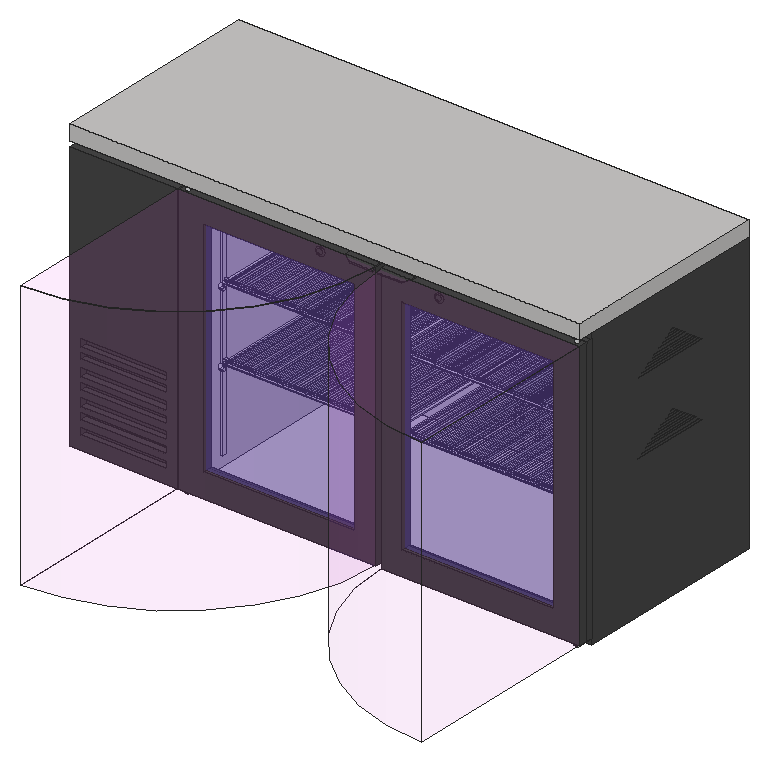
Revit family "QF_True_TBB24-60-2G-Z1-SFT-B-1_Glass_Swing_Door_Back_Bar", category Specialty Equipment, Revit 2021 (continued)
Definition of nested family "TBB24-60-2G-Z1-BST-B-1"
  Forms (in)
    Extrusion 218, solid
      from 0 to -18.90457
    Extrusion 219, solid
      sketch origin (21.18991, -21.41792, 13.54105) x (0, 0, -1) y (1, 0, 0)
        loop
          circle (-0.03189, 15.80488) r 0.03205
      from 0 to -18.90457
    Extrusion 220, solid
      sketch origin (40.73881, -21.41792, 13.54105) x (0, 0, -1) y (1, 0, 0)
        loop
          circle (-0.03189, 15.80488) r 0.03205
      from 0 to -18.90457
    Extrusion 221, solid
      sketch origin (21.52125, -21.41792, 13.54105) x (0, 0, -1) y (1, 0, 0)
        loop
          circle (-0.03189, 15.80488) r 0.03205
      from 0 to -18.90457
    Extrusion 222, solid
      sketch origin (21.85259, -21.41792, 13.54105) x (0, 0, -1) y (1, 0, 0)
        loop
          circle (-0.03189, 15.80488) r 0.03205
      from 0 to -18.90457
    Extrusion 223, solid
      sketch origin (22.18392, -21.41792, 13.54105) x (0, 0, -1) y (1, 0, 0)
        loop
          circle (-0.03189, 15.80488) r 0.03205
      from 0 to -18.90457
    Extrusion 224, solid
      sketch origin (22.51526, -21.41792, 13.54105) x (0, 0, -1) y (1, 0, 0)
        loop
          circle (-0.03189, 15.80488) r 0.03205
      from 0 to -18.90457
    Extrusion 225, solid
      sketch origin (22.8466, -21.41792, 13.54105) x (0, 0, -1) y (1, 0, 0)
        loop
          circle (-0.03189, 15.80488) r 0.03205
      from 0 to -18.90457
    Extrusion 226, solid
      sketch origin (23.17793, -21.41792, 13.54105) x (0, 0, -1) y (1, 0, 0)
        loop
          circle (-0.03189, 15.80488) r 0.03205
      from 0 to -18.90457
    Extrusion 227, solid
      sketch origin (23.50927, -21.41792, 13.54105) x (0, 0, -1) y (1, 0, 0)
        loop
          circle (-0.03189, 15.80488) r 0.03205
      from 0 to -18.90457
    Extrusion 228, solid
      sketch origin (23.84061, -21.41792, 13.54105) x (0, 0, -1) y (1, 0, 0)
        loop
          circle (-0.03189, 15.80488) r 0.03205
      from 0 to -18.90457
    Extrusion 229, solid
      sketch origin (24.17195, -21.41792, 13.54105) x (0, 0, -1) y (1, 0, 0)
        loop
          circle (-0.03189, 15.80488) r 0.03205
      from 0 to -18.90457
    Extrusion 230, solid
      sketch origin (24.50328, -21.41792, 13.54105) x (0, 0, -1) y (1, 0, 0)
        loop
          circle (-0.03189, 15.80488) r 0.03205
      from 0 to -18.90457
    Extrusion 231, solid
      sketch origin (24.83462, -21.41792, 13.54105) x (0, 0, -1) y (1, 0, 0)
        loop
          circle (-0.03189, 15.80488) r 0.03205
      from 0 to -18.90457
    Extrusion 232, solid
      sketch origin (25.16596, -21.41792, 13.54105) x (0, 0, -1) y (1, 0, 0)
        loop
          circle (-0.03189, 15.80488) r 0.03205
      from 0 to -18.90457
    Extrusion 233, solid
      sketch origin (25.4973, -21.41792, 13.54105) x (0, 0, -1) y (1, 0, 0)
        loop
          circle (-0.03189, 15.80488) r 0.03205
      from 0 to -18.90457
    Extrusion 234, solid
      sketch origin (25.82863, -21.41792, 13.54105) x (0, 0, -1) y (1, 0, 0)
        loop
          circle (-0.03189, 15.80488) r 0.03205
      from 0 to -18.90457
    Extrusion 235, solid
      sketch origin (26.15997, -21.41792, 13.54105) x (0, 0, -1) y (1, 0, 0)
        loop
          circle (-0.03189, 15.80488) r 0.03205
      from 0 to -18.90457
    Extrusion 236, solid
      sketch origin (26.49131, -21.41792, 13.54105) x (0, 0, -1) y (1, 0, 0)
        loop
          circle (-0.03189, 15.80488) r 0.03205
      from 0 to -18.90457
    Extrusion 237, solid
      sketch origin (26.82264, -21.41792, 13.54105) x (0, 0, -1) y (1, 0, 0)
        loop
          circle (-0.03189, 15.80488) r 0.03205
      from 0 to -18.90457
    Extrusion 238, solid
      sketch origin (27.15398, -21.41792, 13.54105) x (0, 0, -1) y (1, 0, 0)
        loop
          circle (-0.03189, 15.80488) r 0.03205
      from 0 to -18.90457
    Extrusion 239, solid
      sketch origin (27.48532, -21.41792, 13.54105) x (0, 0, -1) y (1, 0, 0)
        loop
          circle (-0.03189, 15.80488) r 0.03205
      from 0 to -18.90457
    Extrusion 240, solid
      sketch origin (27.81666, -21.41792, 13.54105) x (0, 0, -1) y (1, 0, 0)
        loop
          circle (-0.03189, 15.80488) r 0.03205
      from 0 to -18.90457
    Extrusion 241, solid
      sketch origin (28.14799, -21.41792, 13.54105) x (0, 0, -1) y (1, 0, 0)
        loop
          circle (-0.03189, 15.80488) r 0.03205
      from 0 to -18.90457
    Extrusion 242, solid
      sketch origin (28.47933, -21.41792, 13.54105) x (0, 0, -1) y (1, 0, 0)
        loop
          circle (-0.03189, 15.80488) r 0.03205
      from 0 to -18.90457
    Extrusion 243, solid
      sketch origin (28.81067, -21.41792, 13.54105) x (0, 0, -1) y (1, 0, 0)
        loop
          circle (-0.03189, 15.80488) r 0.03205
      from 0 to -18.90457
    Extrusion 244, solid
      sketch origin (29.142, -21.41792, 13.54105) x (0, 0, -1) y (1, 0, 0)
        loop
          circle (-0.03189, 15.80488) r 0.03205
      from 0 to -18.90457
    Extrusion 245, solid
      sketch origin (29.47334, -21.41792, 13.54105) x (0, 0, -1) y (1, 0, 0)
        loop
          circle (-0.03189, 15.80488) r 0.03205
      from 0 to -18.90457
    Extrusion 246, solid
      sketch origin (29.80468, -21.41792, 13.54105) x (0, 0, -1) y (1, 0, 0)
        loop
          circle (-0.03189, 15.80488) r 0.03205
      from 0 to -18.90457
    Extrusion 247, solid
      sketch origin (30.13602, -21.41792, 13.54105) x (0, 0, -1) y (1, 0, 0)
        loop
          circle (-0.03189, 15.80488) r 0.03205
      from 0 to -18.90457
    Extrusion 248, solid
      sketch origin (30.46735, -21.41792, 13.54105) x (0, 0, -1) y (1, 0, 0)
        loop
          circle (-0.03189, 15.80488) r 0.03205
      from 0 to -18.90457
    Extrusion 249, solid
      sketch origin (30.79869, -21.41792, 13.54105) x (0, 0, -1) y (1, 0, 0)
        loop
          circle (-0.03189, 15.80488) r 0.03205
      from 0 to -18.90457
    Extrusion 250, solid
      sketch origin (31.13003, -21.41792, 13.54105) x (0, 0, -1) y (1, 0, 0)
        loop
          circle (-0.03189, 15.80488) r 0.03205
      from 0 to -18.90457
    Extrusion 251, solid
      sketch origin (31.46137, -21.41792, 13.54105) x (0, 0, -1) y (1, 0, 0)
        loop
          circle (-0.03189, 15.80488) r 0.03205
      from 0 to -18.90457
    Extrusion 252, solid
      sketch origin (31.7927, -21.41792, 13.54105) x (0, 0, -1) y (1, 0, 0)
        loop
          circle (-0.03189, 15.80488) r 0.03205
      from 0 to -18.90457
    Extrusion 253, solid
      sketch origin (32.12404, -21.41792, 13.54105) x (0, 0, -1) y (1, 0, 0)
        loop
          circle (-0.03189, 15.80488) r 0.03205
      from 0 to -18.90457
    Extrusion 254, solid
      sketch origin (32.45538, -21.41792, 13.54105) x (0, 0, -1) y (1, 0, 0)
        loop
          circle (-0.03189, 15.80488) r 0.03205
      from 0 to -18.90457
    Extrusion 255, solid
      sketch origin (32.78671, -21.41792, 13.54105) x (0, 0, -1) y (1, 0, 0)
        loop
          circle (-0.03189, 15.80488) r 0.03205
      from 0 to -18.90457
    Extrusion 256, solid
      sketch origin (33.11805, -21.41792, 13.54105) x (0, 0, -1) y (1, 0, 0)
        loop
          circle (-0.03189, 15.80488) r 0.03205
      from 0 to -18.90457
    Extrusion 257, solid
      sketch origin (33.44939, -21.41792, 13.54105) x (0, 0, -1) y (1, 0, 0)
        loop
          circle (-0.03189, 15.80488) r 0.03205
      from 0 to -18.90457
    Extrusion 258, solid
      sketch origin (33.78073, -21.41792, 13.54105) x (0, 0, -1) y (1, 0, 0)
        loop
          circle (-0.03189, 15.80488) r 0.03205
      from 0 to -18.90457
    Extrusion 259, solid
      sketch origin (34.11206, -21.41792, 13.54105) x (0, 0, -1) y (1, 0, 0)
        loop
          circle (-0.03189, 15.80488) r 0.03205
      from 0 to -18.90457
    Extrusion 260, solid
      sketch origin (34.4434, -21.41792, 13.54105) x (0, 0, -1) y (1, 0, 0)
        loop
          circle (-0.03189, 15.80488) r 0.03205
      from 0 to -18.90457
    Extrusion 261, solid
      sketch origin (34.77474, -21.41792, 13.54105) x (0, 0, -1) y (1, 0, 0)
        loop
          circle (-0.03189, 15.80488) r 0.03205
      from 0 to -18.90457
    Extrusion 262, solid
      sketch origin (35.10607, -21.41792, 13.54105) x (0, 0, -1) y (1, 0, 0)
        loop
          circle (-0.03189, 15.80488) r 0.03205
      from 0 to -18.90457
    Extrusion 263, solid
      sketch origin (35.43741, -21.41792, 13.54105) x (0, 0, -1) y (1, 0, 0)
        loop
          circle (-0.03189, 15.80488) r 0.03205
      from 0 to -18.90457
    Extrusion 264, solid
      sketch origin (35.76875, -21.41792, 13.54105) x (0, 0, -1) y (1, 0, 0)
        loop
          circle (-0.03189, 15.80488) r 0.03205
      from 0 to -18.90457
    Extrusion 265, solid
      sketch origin (36.10009, -21.41792, 13.54105) x (0, 0, -1) y (1, 0, 0)
        loop
          circle (-0.03189, 15.80488) r 0.03205
      from 0 to -18.90457
    Extrusion 266, solid
      sketch origin (36.43142, -21.41792, 13.54105) x (0, 0, -1) y (1, 0, 0)
        loop
          circle (-0.03189, 15.80488) r 0.03205
      from 0 to -18.90457
    Extrusion 267, solid
      sketch origin (36.76276, -21.41792, 13.54105) x (0, 0, -1) y (1, 0, 0)
        loop
          circle (-0.03189, 15.80488) r 0.03205
      from 0 to -18.90457
    Extrusion 268, solid
      sketch origin (37.0941, -21.41792, 13.54105) x (0, 0, -1) y (1, 0, 0)
        loop
          circle (-0.03189, 15.80488) r 0.03205
      from 0 to -18.90457
    Extrusion 269, solid
      sketch origin (37.42544, -21.41792, 13.54105) x (0, 0, -1) y (1, 0, 0)
        loop
          circle (-0.03189, 15.80488) r 0.03205
      from 0 to -18.90457
    Extrusion 270, solid
      sketch origin (37.75677, -21.41792, 13.54105) x (0, 0, -1) y (1, 0, 0)
        loop
          circle (-0.03189, 15.80488) r 0.03205
      from 0 to -18.90457
    Extrusion 271, solid
      sketch origin (38.08811, -21.41792, 13.54105) x (0, 0, -1) y (1, 0, 0)
        loop
          circle (-0.03189, 15.80488) r 0.03205
      from 0 to -18.90457
    Extrusion 272, solid
      sketch origin (38.41945, -21.41792, 13.54105) x (0, 0, -1) y (1, 0, 0)
        loop
          circle (-0.03189, 15.80488) r 0.03205
      from 0 to -18.90457
    Extrusion 273, solid
      sketch origin (38.75078, -21.41792, 13.54105) x (0, 0, -1) y (1, 0, 0)
        loop
          circle (-0.03189, 15.80488) r 0.03205
      from 0 to -18.90457
    Extrusion 274, solid
      sketch origin (39.08212, -21.41792, 13.54105) x (0, 0, -1) y (1, 0, 0)
        loop
          circle (-0.03189, 15.80488) r 0.03205
      from 0 to -18.90457
    Extrusion 275, solid
      sketch origin (39.41346, -21.41792, 13.54105) x (0, 0, -1) y (1, 0, 0)
        loop
          circle (-0.03189, 15.80488) r 0.03205
      from 0 to -18.90457
    Extrusion 276, solid
      sketch origin (39.7448, -21.41792, 13.54105) x (0, 0, -1) y (1, 0, 0)
        loop
          circle (-0.03189, 15.80488) r 0.03205
      from 0 to -18.90457
    Extrusion 277, solid
      sketch origin (40.07613, -21.41792, 13.54105) x (0, 0, -1) y (1, 0, 0)
        loop
          circle (-0.03189, 15.80488) r 0.03205
      from 0 to -18.90457
    Extrusion 278, solid
      sketch origin (40.40747, -21.41792, 13.54105) x (0, 0, -1) y (1, 0, 0)
        loop
          circle (-0.03189, 15.80488) r 0.03205
      from 0 to -18.90457
    Revolve 279, solid
      sketch origin (-45.75, -24.2475, 32.27501) x (0, 0, -1) y (1, 0, 0)
        loop
          line (-0.66249, 59.28125) -> (0, 59.28125) -> (0, 59.53125) -> (-0.5, 59.53125) -> (-0.5, 59.70135) -> (-0.66249, 59.70135) -> (-0.66249, 59.28125)
        axis (-0.66249, 59.28125) -> (0, 59.28125)
      angle from 0 to 360
    Revolve 280, solid
      sketch origin (118.5625, -24.2475, 32.27501) x (0, 0, -1) y (1, 0, 0)
        loop
          line (-0.66249, -59.28125) -> (-0.66249, -59.70135) -> (-0.5, -59.70135) -> (-0.5, -59.53125) -> (0, -59.53125) -> (0, -59.28125) -> (-0.66249, -59.28125)
        axis (-0.66249, -59.28125) -> (0, -59.28125)
      angle from 0 to 360
    Blend 281, solid, material <- "Door Finish"
      base sketch origin (-19, -24.875, 35.99786) x (0, 0, -1) y (1, 0, 0)
        loop
          circle (4.37806, 48.52437) r 0.5
      top sketch origin (-19, -24.875, 35.99786) x (0, 0, 1) y (1, 0, 0)
        loop
          circle (-4.37806, 48.52437) r 0.37406
      from 0 to 0.04478
    Extrusion 282, solid, material <- "Door Finish"
      sketch origin (36.09375, -23.80172, 31.67503) x (0, 0, -1) y (0, 1, 0)
        loop
          line (-0.59999, -0.37926) -> (-0.72499, -0.37926) -> (-0.72499, -1.07258) -> (-0.43164, -1.54203) -> (-0.28424, -1.54203) -> (-0.59999, -1.03673) -> (-0.59999, -0.37926)
      from 0 to -3.5
    Extrusion 283, void
      sketch origin (36.09375, -24.8743, 32.40001) x (0, 0.848048, 0.529919) y (1, 0, 0)
        loop
          line (0, -3.5) -> (-0.84728, -2.4866) -> (-0.84728, -3.5) -> (0, -3.5)
      from 0 to 0.25
    Extrusion 284, solid, material <- "Door Finish"
      sketch origin (40.21875, -23.80172, 31.67503) x (0, 0, -1) y (0, 1, 0)
        loop
          line (-0.59999, -0.37926) -> (-0.72499, -0.37926) -> (-0.72499, -1.07258) -> (-0.43164, -1.54203) -> (-0.28424, -1.54203) -> (-0.59999, -1.03673) -> (-0.59999, -0.37926)
      from 0 to -3.5
    Extrusion 285, solid, material <- "Door Finish"
      sketch origin (1.0398, -23.09422, 32.9375) x (0, 0, -1) y (1, 0, 0)
        loop
          line (0.66249, 11.74145) -> (32.25, 11.74145) -> (32.25, 35.05395) -> (0.66249, 35.05395) -> (0.66249, 11.74145)
        loop
          line (3.27169, 14.74153) -> (29.40712, 14.74153) -> (29.40712, 32.59088) -> (3.27169, 32.59088) -> (3.27169, 14.74153)
      from 1.78078 to 0.64622
    Extrusion 286, void
      sketch origin (36.71875, -24.8743, 32.40001) x (0, 0.848048, 0.529919) y (1, 0, 0)
        loop
          line (0, 3.5) -> (-0.84728, 3.5) -> (-0.84728, 2.4866) -> (0, 3.5)
      from 0 to 0.25
    Extrusion 287, solid, visible <- "Show Door Clearance"
      sketch origin (36.01135, -23.09422, 0.6875) x (0, -1, 0) y (-1, 0, 0)
        loop
          line (1.78078, -0.7074) -> (1.78078, -24.0199) -> (24.99753, -24.0199)
          arc (24.99753, -24.0199) -> (18.11444, -7.65777) -> (1.78078, -0.7074) r 23.62444
      from 0 to -31.58751
    Extrusion 288, solid, visible <- "Show Door Clearance"
      sketch origin (36.80115, -23.09422, 0.6875) x (0, 1, 0) y (1, 0, 0)
        loop
          arc (-1.78078, -0.7074) -> (-18.11444, -7.65777) -> (-24.99753, -24.0199) r 23.62444
          line (-24.99753, -24.0199) -> (-1.78078, -24.0199) -> (-1.78078, -0.7074)
      from 0 to -31.58751
    Extrusion 289, solid
      sketch origin (34.40058, -23.09422, 3.53038) x (-1, 0, 0) y (0, -1, 0)
        loop
          line (18.61924, 1.4635) -> (0.7699, 1.4635) -> (0.7699, 0.9635) -> (18.61924, 0.9635) -> (18.61924, 1.4635)
      from 0 to 26.13543
    Extrusion 290, solid
      sketch origin (57.80107, -23.09422, 3.53038) x (-1, 0, 0) y (0, -1, 0)
        loop
          line (18.61924, 1.4635) -> (0.7699, 1.4635) -> (0.7699, 0.9635) -> (18.61924, 0.9635) -> (18.61924, 1.4635)
      from 0 to 26.13543
  Cuts and joins
    Extrusion 3, Extrusion 5 cuts Extrusion 2
    Extrusion 5 cuts Extrusion 4
    joined: Extrusion 26, Extrusion 27
    Extrusion 283, Extrusion 286 cuts Extrusion 282
    Extrusion 286 cuts Extrusion 285
    Extrusion 286 cuts Extrusion 284
  Lines and regions (in)
    Split face 1
      outline origin (0, 0.03125, 32.6875) x (0, 0, 1) y (1, 0, 0)
        loop
          line (-15.04167, 10.7061) -> (-29.59231, 10.7061) -> (-29.59231, 0.9561) -> (-15.04167, 0.9561) -> (-15.04167, 10.7061)
    Split face 2
      outline origin (60.03125, 0, 0) x (-1, 0, 0) y (0, 0, 1)
        loop
          line (48.03125, 32.9375) -> (48.03125, 0)
        loop
          line (45.65625, 0) -> (45.65625, 32.9375)
        loop
          line (2.75, 32.9375) -> (2.75, 0)
    Split face 3
      outline origin (0, -24.875, 32.27501) x (-1, 0, 0) y (0, 0, -1)
        loop
          line (-2.26866, 1.36126) -> (-2.26866, 2.86126) -> (-10.197, 2.86126) -> (-10.197, 1.36126) -> (-2.26866, 1.36126)
    symbolic lines
      curve 1: line (60.03125, 0, 0) -> (0, 0, 0)
      curve 2: line (0, 0, 0) -> (0, -25.34375, 0)
      curve 3: line (60.03125, -25.34375, 0) -> (60.03125, 0, 0)
      curve 4: line (0, -24.875, 0) -> (60.03125, -24.875, 0)
      curve 7: line (33.34928, -25.34375, 0) -> (32.68817, -24.875, 0)
      curve 8: line (33.34928, -25.34375, 0) -> (36.09375, -25.34375, 0)
      curve 9: line (36.09375, -25.34375, 0) -> (36.09375, -24.875, 0)
      curve 10: line (39.46322, -25.34375, 0) -> (40.12433, -24.875, 0)
      curve 11: line (39.46322, -25.34375, 0) -> (36.71875, -25.34375, 0)
      curve 12: line (36.71875, -25.34375, 0) -> (36.71875, -24.875, 0)
    symbolic lines, visible <- "Show Door Clearance"
      curve 5: line (12.78125, -24.875, 0) -> (32.83289, -36.45182, 0)
      curve 6: line (60.03125, -24.875, 0) -> (39.97961, -36.45182, 0)
      curve 13: arc (36.09375, -24.875, 0) -> (35.21239, -30.8744, 0) -> (32.83289, -36.45182, 0) r 23.62444
      curve 14: arc (39.97961, -36.45182, 0) -> (37.60011, -30.8744, 0) -> (36.71875, -24.875, 0) r 23.62444
  Dimensions and locks (in)
    equal spacing: plane 3 "LEFT", plane 7 "Center Y", plane 4 "RIGHT"
    "Length": plane 3 "LEFT" to plane 4 "RIGHT"
    equal spacing: plane 5 "FRONT", plane 8 "Center X", plane 1 "BACK"
    "Depth": plane 5 "FRONT" to plane 1 "BACK"
    "Height": plane 6 "TOP" to level
    plane 1 "BACK" to plane 9 = 48 3/32"
    plane 10 to level = 11/16"
    plane 5 "FRONT" to plane 1 "BACK" = 25 11/32"
    plane 9 to plane 1 "BACK" = 48 3/32"
    plane 6 "TOP" to plane 11 = 1 25/32"
    equal spacing: group 1, group 3, group 4, group 5, group 6, group 7, group 8, group 9, group 10, group 11, group 12, group 13, group 14, group 15, group 16, group 17, group 18, group 19, group 20, group 21, group 22, group 23, group 24, group 25, group 26, group 27, group 28, group 29, group 30, group 31, group 32, group 33, group 34, group 35, group 36, group 37, group 38, group 39, group 40, group 41, group 42, group 43, group 44, group 45, group 46, group 47, group 48, group 49, group 50, group 2  (x3)
    plane 5 "FRONT" to plane 9 = 22 3/4"
    plane 4 "RIGHT" to plane 3 "LEFT" = 60 1/32"
    plane 15 to plane 1 "BACK" = 24 7/8"
    equal spacing: group 51, group 53, group 54, group 55, group 56, group 57, group 58, group 59, group 60, group 61, group 62, group 63, group 64, group 65, group 66, group 67, group 68, group 69, group 70, group 71, group 72, group 73, group 74, group 75, group 76, group 77, group 78, group 79, group 80, group 81, group 82, group 83, group 84, group 85, group 86, group 87, group 88, group 89, group 90, group 91, group 92, group 93, group 94, group 95, group 96, group 97, group 98, group 99, group 100, group 101, group 102, group 103, group 104, group 105, group 106, group 107, group 108, group 109, group 110, group 52  (x3)
    aligned and locked: level to plane 2
  Automatic sketch dimensions
    Extrusion 1 sketch curve to plane 3 "LEFT" = 0"
    plane 4 "RIGHT" to Extrusion 1 sketch curve = 0"
    Extrusion 1 sketch curve to plane 11 = 0"
    Extrusion 1 sketch curve to plane 6 "TOP" = 0"
    plane 11 to Extrusion 2 sketch curve = 0"
    Extrusion 2 sketch curve to level = 0"
    Extrusion 2 sketch curve to plane 1 "BACK" = 0"
    Extrusion 2 sketch curve to plane 13 = 1.6763"
    plane 1 "BACK" to Extrusion 3 sketch curve = 1.91691"
    Extrusion 3 sketch curve to plane 13 = 1.6763"
    plane 3 "LEFT" to Extrusion 3 sketch curve = 14 29/32"
    plane 4 "RIGHT" to Extrusion 3 sketch curve = 2.61437"
    Extrusion 4 sketch curve to Extrusion 2 = 0"
    Extrusion 4 sketch curve to Extrusion 2 = 0.66249"
    Extrusion 4 sketch curve to Extrusion 2 = 11/16"
    Extrusion 2 to Extrusion 4 sketch curve = 12 25/32"
    Extrusion 4 to Extrusion 5 sketch curve = 1.61339"
    Extrusion 5 sketch curve to Extrusion 5 sketch curve = 0.82714"  (x4)
    Extrusion 5 sketch curve to Extrusion 5 sketch curve = 0.79786"
    Extrusion 5 sketch curve to Extrusion 5 sketch curve = 0.57908"  (x2)
    Extrusion 5 sketch curve to Extrusion 5 sketch curve = 1"  (x3)
    Extrusion 5 sketch curve to Extrusion 5 sketch curve = 0.71878"
    Extrusion 5 sketch curve to Extrusion 5 sketch curve = 0.84378"
    Extrusion 5 sketch curve to Extrusion 5 sketch curve = 0.45408"
    Extrusion 4 to Extrusion 5 sketch curve = 1.27626"  (x2)
    Extrusion 5 sketch curve to Extrusion 5 sketch curve = 0"  (x11)
    Extrusion 4 to Extrusion 5 sketch curve = 1.32665"
    Extrusion 6 sketch curve to Extrusion 2 = 0"
    Extrusion 2 to Extrusion 6 sketch curve = 9/16"
    Extrusion 6 sketch curve to Extrusion 6 sketch curve = 3/4"  (x3)
    Extrusion 6 sketch curve to Extrusion 2 = 13.59037"
    Extrusion 2 to Extrusion 6 sketch curve = 3/4"
    Extrusion 6 sketch curve to Extrusion 6 sketch curve = 0"  (x2)
    Extrusion 6 sketch curve to Extrusion 6 sketch curve = 0.44096"
    Extrusion 6 sketch curve to Extrusion 6 sketch curve = 4.44897"
    Extrusion 6 sketch curve to Extrusion 6 sketch curve = 10.52264"
    Split face 1 sketch curve to Extrusion 6 = 2.53269"
    Split face 1 sketch curve to Extrusion 6 = 2.4513"
    Split face 1 sketch curve to Extrusion 6 = 0.9561"
    Split face 1 sketch curve to Extrusion 6 = 1.31655"
    Extrusion 7 sketch curve to Extrusion 6 = 0.05904"
    Extrusion 6 to Extrusion 7 sketch curve = 0.19096"  (x2)
    Extrusion 7 sketch curve to Extrusion 6 = 0.31699"  (x2)
    Extrusion 7 sketch curve to Extrusion 7 sketch curve = 1/2"  (x2)
    Extrusion 7 sketch curve to Extrusion 7 sketch curve = 1/4"
    Extrusion 7 sketch curve to Extrusion 7 sketch curve = 0.43301"  (x2)
    Extrusion 8 sketch curve to Extrusion 6 = 0.72262"
    Extrusion 8 sketch curve to Extrusion 6 = 1.73005"
    Split face 2 sketch curve to cut or joined group of Extrusion 2, Extrusion 3, Extrusion 5 = 0"  (x6)
    Split face 2 sketch curve to cut or joined group of Extrusion 2, Extrusion 3, Extrusion 5 = 2 3/4"
    Split face 2 sketch curve to cut or joined group of Extrusion 2, Extrusion 3, Extrusion 5 = 14 3/8"
    Split face 2 sketch curve to Split face 2 sketch curve = 2 3/8"
    plane 11 to Blend 9 sketch curve = 1.31771"  (x2)
    plane 7 "Center Y" to Blend 9 sketch curve = 13.50874"  (x2)
    Split face 3 sketch curve to cut or joined group of Extrusion 4, Extrusion 5 = 1.2576"
    Split face 3 sketch curve to cut or joined group of Extrusion 4, Extrusion 5 = 0.9924"
    Split face 3 sketch curve to cut or joined group of Extrusion 4, Extrusion 5 = 1.36126"
    Split face 3 sketch curve to Split face 3 sketch curve = 1 1/2"
    Extrusion 10 sketch curve to Extrusion 3 = 1.6763"
    Extrusion 10 sketch curve to Extrusion 10 sketch curve = 1/2"  (x2)
    Extrusion 3 to Extrusion 10 sketch curve = 3.25101"
    Extrusion 3 to Extrusion 10 sketch curve = 1.46788"  (x2)
    Extrusion 3 to Extrusion 10 sketch curve = 1.74463"  (x2)
    Extrusion 3 to Extrusion 11 sketch curve = 2.75101"
    Extrusion 11 sketch curve to Extrusion 11 sketch curve = 1/2"  (x2)
    Extrusion 3 to Extrusion 11 sketch curve = 2.1763"
    Extrusion 3 to Extrusion 11 sketch curve = 1.46788"  (x2)
    Extrusion 3 to Extrusion 11 sketch curve = 1.74463"  (x2)
    Extrusion 3 to Extrusion 12 sketch curve = 1.46788"  (x4)
    Extrusion 12 sketch curve to Extrusion 3 = 3.8189"
    Extrusion 12 sketch curve to Extrusion 12 sketch curve = 1/2"  (x4)
    Extrusion 12 sketch curve to Extrusion 12 sketch curve = 15 5/16"
    Extrusion 12 sketch curve to Extrusion 12 sketch curve = 1.77627"
    Extrusion 3 to Extrusion 12 sketch curve = 1.74463"  (x4)
    Extrusion 12 sketch curve to Extrusion 3 = 4.27984"
    Sweep 13 sketch curve to plane 13 = 0"
    plane 13 to Sweep 13 sketch curve = 1/2"
    plane 7 "Center Y" to Sweep 13 sketch curve = 5.49328"
    Sweep 13 sketch curve to Sweep 13 sketch curve = 1/2"  (x2)
    Sweep 13 sketch curve to plane 13 = 1/2"
    Sweep 13 sketch curve to plane 7 "Center Y" = 14.00672"  (x2)
    plane 1 "BACK" to Sweep 13 sketch curve = 3.04972"
    Sweep 13 sketch curve to Sweep 13 sketch curve = 1/4"
    profile plane to Sweep 13 sketch curve = 0"
    Sweep 13 sketch curve to profile plane = 0.10817"
    Extrusion 10 to Extrusion 14 sketch curve = 0"
    Extrusion 10 to Extrusion 14 sketch curve = 9.35512"  (x2)
    Extrusion 14 sketch curve to Extrusion 10 = 0.44283"
    Extrusion 14 sketch curve to Extrusion 14 sketch curve = 0.44283"  (x3)
    Extrusion 14 sketch curve to Extrusion 14 sketch curve = 0.13831"  (x2)
    Extrusion 14 sketch curve to Extrusion 14 sketch curve = 40.86249"
    Extrusion 10 to Extrusion 15 sketch curve = 0"
    Extrusion 10 to Extrusion 15 sketch curve = 9.35512"  (x2)
    Extrusion 15 sketch curve to Extrusion 10 = 0.44283"
    Extrusion 15 sketch curve to Extrusion 15 sketch curve = 0.44283"  (x3)
    Extrusion 15 sketch curve to Extrusion 15 sketch curve = 0.13831"  (x2)
    Extrusion 15 sketch curve to Extrusion 15 sketch curve = 40.86249"
    Extrusion 16 sketch curve to Extrusion 12 = 0"
    Extrusion 12 to Extrusion 16 sketch curve = 9.35512"
    Extrusion 16 sketch curve to Extrusion 16 sketch curve = 0.44283"  (x2)
    Extrusion 16 sketch curve to Extrusion 16 sketch curve = 0.13831"
    Extrusion 17 sketch curve to Extrusion 12 = 0"
    Extrusion 12 to Extrusion 17 sketch curve = 9.35512"
    Extrusion 17 sketch curve to Extrusion 17 sketch curve = 0.44283"  (x2)
    Extrusion 17 sketch curve to Extrusion 17 sketch curve = 0.13831"
    plane 1 "BACK" to Extrusion 18 sketch curve = 2.29972"
    plane 11 to Extrusion 18 sketch curve = 11.76224"
    Extrusion 18 sketch curve to Extrusion 18 sketch curve = 0.44283"  (x2)
    Extrusion 18 sketch curve to Extrusion 18 sketch curve = 0.13831"
    Extrusion 10 to Extrusion 19 sketch curve = 0"
    Extrusion 19 sketch curve to Extrusion 10 = 9.14488"  (x2)
    Extrusion 19 sketch curve to Extrusion 10 = 0.44283"
    Extrusion 19 sketch curve to Extrusion 19 sketch curve = 0.44283"  (x3)
    Extrusion 19 sketch curve to Extrusion 19 sketch curve = 0.13831"  (x2)
    Extrusion 19 sketch curve to Extrusion 19 sketch curve = 40.86249"
    Extrusion 20 sketch curve to Extrusion 12 = 0"
    Extrusion 20 sketch curve to Extrusion 12 = 9.14488"
    Extrusion 20 sketch curve to Extrusion 20 sketch curve = 0.44283"  (x2)
    Extrusion 20 sketch curve to Extrusion 20 sketch curve = 0.13831"
    Extrusion 21 sketch curve to Extrusion 12 = 0"
    Extrusion 21 sketch curve to Extrusion 12 = 9.14488"
    Extrusion 21 sketch curve to Extrusion 21 sketch curve = 0.44283"  (x2)
    Extrusion 21 sketch curve to Extrusion 21 sketch curve = 0.13831"
    plane 13 to Extrusion 22 sketch curve = 0.25025"
    plane 11 to Extrusion 22 sketch curve = 10.77657"
    plane 13 to Extrusion 23 sketch curve = 0.25025"
    Extrusion 23 sketch curve to plane 12 = 11.59843"
    plane 13 to Extrusion 24 sketch curve = 0.25025"
    plane 11 to Extrusion 24 sketch curve = 10.77657"
    plane 13 to Extrusion 25 sketch curve = 0.25025"
    Extrusion 25 sketch curve to plane 12 = 11.59452"
    plane 4 "RIGHT" to Extrusion 26 sketch curve = 11/32"
    Extrusion 26 sketch curve to Extrusion 26 sketch curve = 0.14658"
    Extrusion 26 sketch curve to Extrusion 26 sketch curve = 0.2895"  (x2)
    plane 15 to Extrusion 26 sketch curve = 0.4309"  (x2)
    Extrusion 26 sketch curve to Extrusion 26 sketch curve = 0.15382"  (x4)
    Extrusion 26 sketch curve to Extrusion 26 sketch curve = 1.19762"
    Extrusion 26 sketch curve to Extrusion 26 sketch curve = 0.08965"  (x3)
    plane 15 to Extrusion 26 sketch curve = 1.56435"
    plane 3 "LEFT" to Extrusion 26 sketch curve = 14.87959"
    Extrusion 26 sketch curve to Extrusion 26 sketch curve = 1.13345"
    Extrusion 26 sketch curve to Extrusion 26 sketch curve = 0.43608"
    Extrusion 26 sketch curve to Extrusion 26 sketch curve = 1.2231"
    Extrusion 26 sketch curve to Extrusion 26 sketch curve = 1.34988"
    Extrusion 27 sketch curve to Extrusion 2 = 11/16"  (x2)
    Extrusion 27 sketch curve to Extrusion 2 = 0.33506"  (x2)
    Extrusion 2 to Extrusion 27 sketch curve = 13 5/32"
    Extrusion 27 sketch curve to Extrusion 27 sketch curve = 1.76048"
    Extrusion 2 to Extrusion 27 sketch curve = 2.10423"
    Extrusion 2 to Extrusion 27 sketch curve = 11/32"
    Revolve 28 sketch curve to plane 10 = 0"  (x2)
    plane 14 to Revolve 28 sketch curve = 1/16"
    plane 15 to Revolve 28 sketch curve = 1.0928"
    Revolve 28 sketch curve to Revolve 28 sketch curve = 0.19414"
    Revolve 28 sketch curve to plane 10 = 0.14497"
    Revolve 28 sketch curve to Revolve 28 sketch curve = 0"
    Revolve 29 sketch curve to plane 10 = 0"  (x2)
    plane 14 to Revolve 29 sketch curve = 1/16"
    plane 15 to Revolve 29 sketch curve = 1.0928"
    Revolve 29 sketch curve to Revolve 29 sketch curve = 0.19414"
    Revolve 29 sketch curve to plane 10 = 0.14497"
    Revolve 29 sketch curve to Revolve 29 sketch curve = 0"
    Extrusion 30 sketch curve to Extrusion 2 = 0.66249"
    Extrusion 30 sketch curve to Extrusion 30 sketch curve = 1"  (x3)
    Extrusion 30 sketch curve to Extrusion 2 = 1 11/16"
    Extrusion 30 sketch curve to Extrusion 2 = 11/16"
    Extrusion 2 to Extrusion 30 sketch curve = 12 25/32"
    Extrusion 30 sketch curve to Extrusion 30 sketch curve = 21 5/8"
    Extrusion 2 to Extrusion 31 sketch curve = 0"
    Extrusion 31 sketch curve to Extrusion 2 = 0.66249"
    Extrusion 31 sketch curve to Extrusion 31 sketch curve = 1"  (x2)
    Extrusion 31 sketch curve to Extrusion 2 = 1 11/16"
    Extrusion 31 sketch curve to Extrusion 2 = 11/16"
    Extrusion 2 to Extrusion 31 sketch curve = 1"
    Extrusion 31 sketch curve to Extrusion 31 sketch curve = 21 5/8"
    Extrusion 2 to Extrusion 32 sketch curve = 0"
    Extrusion 32 sketch curve to Extrusion 2 = 0.66249"
    Extrusion 32 sketch curve to Extrusion 2 = 3.27169"
    Extrusion 32 sketch curve to Extrusion 2 = 3.53038"
    Extrusion 32 sketch curve to Extrusion 2 = 11/16"
    Extrusion 2 to Extrusion 32 sketch curve = 3.00008"
    Extrusion 32 sketch curve to Extrusion 32 sketch curve = 17.84934"
    Extrusion 32 sketch curve to Extrusion 32 sketch curve = 2.46307"
    Sweep 33 sketch curve to plane 13 = 0"
    plane 13 to Sweep 33 sketch curve = 1/2"
    plane 7 "Center Y" to Sweep 33 sketch curve = 5.49328"
    Sweep 33 sketch curve to Sweep 33 sketch curve = 1/2"  (x2)
    Sweep 33 sketch curve to plane 13 = 1/2"
    Sweep 33 sketch curve to plane 7 "Center Y" = 14.00672"  (x2)
    plane 1 "BACK" to Sweep 33 sketch curve = 3.04972"
    Sweep 33 sketch curve to Sweep 33 sketch curve = 1/4"
    profile plane to Sweep 33 sketch curve = 0"
    Sweep 33 sketch curve to profile plane = 0.10817"
    plane 1 "BACK" to Extrusion 34 sketch curve = 2.29972"
    plane 11 to Extrusion 34 sketch curve = 11.76224"
    Extrusion 34 sketch curve to Extrusion 34 sketch curve = 0.44283"  (x2)
    Extrusion 34 sketch curve to Extrusion 34 sketch curve = 0.13831"
    Extrusion 35 sketch curve to Extrusion 12 = 0"
    Extrusion 35 sketch curve to Extrusion 12 = 9.72603"
    Extrusion 35 sketch curve to Extrusion 12 = 0.44283"
    Extrusion 35 sketch curve to Extrusion 35 sketch curve = 0.13831"
    Extrusion 35 sketch curve to Extrusion 35 sketch curve = 0.58114"
    Extrusion 36 sketch curve to Extrusion 12 = 0"
    Extrusion 12 to Extrusion 36 sketch curve = 9.14488"
    Extrusion 36 sketch curve to Extrusion 36 sketch curve = 0.44283"
    Extrusion 36 sketch curve to Extrusion 36 sketch curve = 0.13831"
    Extrusion 36 sketch curve to Extrusion 12 = 0.44283"
    Sweep 37 sketch curve to plane 13 = 0"
    plane 13 to Sweep 37 sketch curve = 1/2"
    plane 7 "Center Y" to Sweep 37 sketch curve = 6.7986"
    Sweep 37 sketch curve to Sweep 37 sketch curve = 1/2"  (x2)
    Sweep 37 sketch curve to plane 13 = 1/2"
    plane 4 "RIGHT" to Sweep 37 sketch curve = 3.71703"  (x2)
    plane 1 "BACK" to Sweep 37 sketch curve = 3.04972"
    Sweep 37 sketch curve to Sweep 37 sketch curve = 1/4"
    Sweep 37 sketch curve to Sweep 37 sketch curve = 0"
    profile plane to Sweep 37 sketch curve = 0"
    Sweep 37 sketch curve to profile plane = 0.10817"
    Sweep 38 sketch curve to plane 13 = 0"
    plane 13 to Sweep 38 sketch curve = 1/2"
    plane 7 "Center Y" to Sweep 38 sketch curve = 6.7986"
    Sweep 38 sketch curve to Sweep 38 sketch curve = 1/2"  (x2)
    Sweep 38 sketch curve to plane 13 = 1/2"
    plane 4 "RIGHT" to Sweep 38 sketch curve = 3.71703"  (x2)
    plane 1 "BACK" to Sweep 38 sketch curve = 3.04972"
    Sweep 38 sketch curve to Sweep 38 sketch curve = 1/4"
    Sweep 38 sketch curve to Sweep 38 sketch curve = 0"
    profile plane to Sweep 38 sketch curve = 0"
    Sweep 38 sketch curve to profile plane = 0.10817"
    Revolve 279 sketch curve to plane 11 = 0"  (x2)
    plane 11 to Revolve 279 sketch curve = 0.16249"  (x2)
    Revolve 279 sketch curve to Revolve 279 sketch curve = 1/2"
    plane 3 "LEFT" to Revolve 279 sketch curve = 13 17/32"
    Revolve 279 sketch curve to Revolve 279 sketch curve = 1/4"
    Revolve 279 sketch curve to Revolve 279 sketch curve = 0.1701"
    Revolve 279 sketch curve to Revolve 279 sketch curve = 0"
    Revolve 280 sketch curve to plane 11 = 0"  (x2)
    plane 11 to Revolve 280 sketch curve = 0.16249"  (x2)
    Revolve 280 sketch curve to Revolve 280 sketch curve = 1/2"
    plane 4 "RIGHT" to Revolve 280 sketch curve = 1.1701"
    Revolve 280 sketch curve to Revolve 280 sketch curve = 0.1701"
    Revolve 280 sketch curve to Revolve 280 sketch curve = 1/4"
    Revolve 280 sketch curve to Revolve 280 sketch curve = 0"
    Blend 281 sketch curve to plane 7 "Center Y" = 0.49126"  (x2)
    plane 11 to Blend 281 sketch curve = 1.31771"  (x2)
    Extrusion 282 sketch curve to plane 5 "FRONT" = 0"
    plane 15 to Extrusion 282 sketch curve = 0.0007"
    plane 11 to Extrusion 282 sketch curve = 0.53749"
    Extrusion 282 sketch curve to Extrusion 282 sketch curve = 1/8"
    Extrusion 282 sketch curve to Extrusion 282 sketch curve = 0.16835"
    Extrusion 282 sketch curve to Extrusion 282 sketch curve = 0.1474"
    plane 15 to Extrusion 282 sketch curve = 0.03655"
    Extrusion 282 sketch curve to Extrusion 282 sketch curve = 0.65747"
    Extrusion 283 sketch curve to Extrusion 282 = 0"  (x2)
    Extrusion 283 sketch curve to Extrusion 282 = 0.2937"
    Extrusion 283 sketch curve to Extrusion 282 = 1.0134"
    Extrusion 284 sketch curve to plane 5 "FRONT" = 0"
    plane 15 to Extrusion 284 sketch curve = 0.0007"
    plane 11 to Extrusion 284 sketch curve = 0.53749"
    Extrusion 284 sketch curve to Extrusion 284 sketch curve = 1/8"
    Extrusion 284 sketch curve to Extrusion 284 sketch curve = 0.16835"
    Extrusion 284 sketch curve to Extrusion 284 sketch curve = 0.1474"
    plane 15 to Extrusion 284 sketch curve = 0.03655"
    Extrusion 284 sketch curve to Extrusion 284 sketch curve = 0.65747"
    Extrusion 285 sketch curve to Extrusion 2 = 0.66249"
    Extrusion 285 sketch curve to Extrusion 2 = 3.27169"
    Extrusion 285 sketch curve to Extrusion 2 = 3.53038"
    Extrusion 285 sketch curve to Extrusion 2 = 11/16"
    Extrusion 2 to Extrusion 285 sketch curve = 12 25/32"
    Extrusion 285 sketch curve to Extrusion 285 sketch curve = 3.00008"
    Extrusion 285 sketch curve to Extrusion 285 sketch curve = 17.84934"
    Extrusion 285 sketch curve to Extrusion 285 sketch curve = 2.46307"
    Extrusion 282 to Extrusion 286 sketch curve = 0"
    Extrusion 286 sketch curve to Extrusion 282 = 0.2937"
    Extrusion 282 to Extrusion 286 sketch curve = 3.1116"
    Extrusion 286 sketch curve to Extrusion 286 sketch curve = 1.0134"
    Extrusion 287 sketch curve to plane 15 = 0"
    Extrusion 287 sketch curve to plane 4 "RIGHT" = 0"
    Extrusion 287 sketch curve to plane 4 "RIGHT" = 0.30846"
    plane 15 to Extrusion 287 sketch curve = 0.40568"
    plane 9 to Extrusion 287 sketch curve = 0.00201"
    Extrusion 288 sketch curve to plane 15 = 0"
    plane 9 to Extrusion 288 sketch curve = 0.00201"
    plane 15 to Extrusion 288 sketch curve = 0.40568"
    plane 7 "Center Y" to Extrusion 288 sketch curve = 6 5/64"
    plane 3 "LEFT" to Extrusion 288 sketch curve = 12.47279"
    Extrusion 289 sketch curve to Extrusion 285 = 0"  (x2)
    Extrusion 285 to Extrusion 289 sketch curve = 0.31728"  (x2)
    Extrusion 285 to Extrusion 290 sketch curve = 0.31728"  (x2)
    Extrusion 290 sketch curve to Extrusion 285 = 23.40049"
    Extrusion 290 sketch curve to Extrusion 285 = 5.55115"
    plane 1 "BACK" to curve 1 = 0"
    curve 1 to plane 3 "LEFT" = 0"
    curve 5 to plane 15 = 0"
    plane 5 "FRONT" to curve 7 = 0"
    plane 5 "FRONT" to curve 12 = 0"
    curve 6 to plane 4 "RIGHT" = 0"
    plane 5 "FRONT" to curve 2 = 0"
    plane 5 "FRONT" to curve 3 = 0"
    plane 7 "Center Y" to curve 7 = 3.33365"
    curve 7 to curve 9 = 2.74447"
    curve 8 to curve 12 = 5/8"
    curve 11 to curve 11 = 2.74447"
    plane 3 "LEFT" to curve 5 = 12 25/32"
    curve 7 to curve 7 = 0.66111"
    plane 7 "Center Y" to curve 5 = 2.81727"
    curve 5 to curve 6 = 7.14671"
    curve 10 to curve 10 = 0.66111"
    curve 5 to curve 6 = 0"
    curve 13 to curve 5 = 0.30846"
    plane 15 to curve 13 = 0.40568"
    curve 14 to plane 4 "RIGHT" = 0.30846"
    plane 15 to curve 14 = 0.40568"
    curve 14 to curve 12 = 0"
    radius of Extrusion 39 sketch curve = 0.03205"
    radius of Extrusion 40 sketch curve = 0.03205"
    radius of Extrusion 41 sketch curve = 0.03205"
    radius of Extrusion 42 sketch curve = 0.03205"
    radius of Extrusion 43 sketch curve = 0.03205"
    radius of Extrusion 44 sketch curve = 0.03205"
    radius of Extrusion 45 sketch curve = 0.03205"
    radius of Extrusion 46 sketch curve = 0.03205"
    radius of Extrusion 47 sketch curve = 0.03205"
    radius of Extrusion 48 sketch curve = 0.03205"
    radius of Extrusion 49 sketch curve = 0.03205"
    radius of Extrusion 50 sketch curve = 0.03205"
    radius of Extrusion 51 sketch curve = 0.03205"
    radius of Extrusion 52 sketch curve = 0.03205"
    radius of Extrusion 53 sketch curve = 0.03205"
    radius of Extrusion 54 sketch curve = 0.03205"
    radius of Extrusion 55 sketch curve = 0.03205"
    radius of Extrusion 56 sketch curve = 0.03205"
    radius of Extrusion 57 sketch curve = 0.03205"
    radius of Extrusion 58 sketch curve = 0.03205"
    radius of Extrusion 59 sketch curve = 0.03205"
    radius of Extrusion 60 sketch curve = 0.03205"
    radius of Extrusion 61 sketch curve = 0.03205"
    radius of Extrusion 62 sketch curve = 0.03205"
    radius of Extrusion 63 sketch curve = 0.03205"
    radius of Extrusion 64 sketch curve = 0.03205"
    radius of Extrusion 65 sketch curve = 0.03205"
    radius of Extrusion 66 sketch curve = 0.03205"
    radius of Extrusion 67 sketch curve = 0.03205"
    radius of Extrusion 68 sketch curve = 0.03205"
    radius of Extrusion 69 sketch curve = 0.03205"
    radius of Extrusion 70 sketch curve = 0.03205"
    radius of Extrusion 71 sketch curve = 0.03205"
    radius of Extrusion 72 sketch curve = 0.03205"
    radius of Extrusion 73 sketch curve = 0.03205"
    radius of Extrusion 74 sketch curve = 0.03205"
    radius of Extrusion 75 sketch curve = 0.03205"
    radius of Extrusion 76 sketch curve = 0.03205"
    radius of Extrusion 77 sketch curve = 0.03205"
    radius of Extrusion 78 sketch curve = 0.03205"
    radius of Extrusion 79 sketch curve = 0.03205"
    radius of Extrusion 80 sketch curve = 0.03205"
    radius of Extrusion 81 sketch curve = 0.03205"
    radius of Extrusion 82 sketch curve = 0.03205"
    radius of Extrusion 83 sketch curve = 0.03205"
    radius of Extrusion 84 sketch curve = 0.03205"
    radius of Extrusion 85 sketch curve = 0.03205"
    radius of Extrusion 86 sketch curve = 0.03205"
    radius of Extrusion 87 sketch curve = 0.03205"
    radius of Extrusion 88 sketch curve = 0.03205"
    radius of Extrusion 89 sketch curve = 0.03205"
    radius of Extrusion 90 sketch curve = 0.03205"
    radius of Extrusion 91 sketch curve = 0.03205"
    radius of Extrusion 92 sketch curve = 0.03205"
    radius of Extrusion 93 sketch curve = 0.03205"
    radius of Extrusion 94 sketch curve = 0.03205"
    radius of Extrusion 95 sketch curve = 0.03205"
    radius of Extrusion 96 sketch curve = 0.03205"
    radius of Extrusion 97 sketch curve = 0.03205"
    radius of Extrusion 98 sketch curve = 0.03205"
    radius of Extrusion 99 sketch curve = 0.03205"
    radius of Extrusion 100 sketch curve = 0.03205"
    radius of Extrusion 101 sketch curve = 0.03205"
    radius of Extrusion 102 sketch curve = 0.03205"
    radius of Extrusion 103 sketch curve = 0.03205"
    radius of Extrusion 104 sketch curve = 0.03205"
    radius of Extrusion 105 sketch curve = 0.03205"
    radius of Extrusion 106 sketch curve = 0.03205"
    radius of Extrusion 107 sketch curve = 0.03205"
    radius of Extrusion 108 sketch curve = 0.03205"
    radius of Extrusion 109 sketch curve = 0.03205"
    radius of Extrusion 110 sketch curve = 0.03205"
    radius of Extrusion 111 sketch curve = 0.03205"
    radius of Extrusion 112 sketch curve = 0.03205"
    radius of Extrusion 113 sketch curve = 0.03205"
    radius of Extrusion 114 sketch curve = 0.03205"
    radius of Extrusion 115 sketch curve = 0.03205"
    radius of Extrusion 116 sketch curve = 0.03205"
    radius of Extrusion 117 sketch curve = 0.03205"
    radius of Extrusion 118 sketch curve = 0.03205"
    radius of Extrusion 119 sketch curve = 0.03205"
    radius of Extrusion 120 sketch curve = 0.03205"
    radius of Extrusion 121 sketch curve = 0.03205"
    radius of Extrusion 122 sketch curve = 0.03205"
    radius of Extrusion 123 sketch curve = 0.03205"
    radius of Extrusion 124 sketch curve = 0.03205"
    radius of Extrusion 125 sketch curve = 0.03205"
    radius of Extrusion 126 sketch curve = 0.03205"
    radius of Extrusion 127 sketch curve = 0.03205"
    radius of Extrusion 128 sketch curve = 0.03205"
    radius of Extrusion 129 sketch curve = 0.03205"
    radius of Extrusion 130 sketch curve = 0.03205"
    radius of Extrusion 131 sketch curve = 0.03205"
    radius of Extrusion 132 sketch curve = 0.03205"
    radius of Extrusion 133 sketch curve = 0.03205"
    radius of Extrusion 134 sketch curve = 0.03205"
    radius of Extrusion 135 sketch curve = 0.03205"
    radius of Extrusion 136 sketch curve = 0.03205"
    radius of Extrusion 137 sketch curve = 0.03205"
    radius of Extrusion 138 sketch curve = 0.03205"
    radius of Extrusion 139 sketch curve = 0.03205"
    radius of Extrusion 140 sketch curve = 0.03205"
    radius of Extrusion 141 sketch curve = 0.03205"
    radius of Extrusion 142 sketch curve = 0.03205"
    radius of Extrusion 143 sketch curve = 0.03205"
    radius of Extrusion 144 sketch curve = 0.03205"
    radius of Extrusion 145 sketch curve = 0.03205"
    radius of Extrusion 146 sketch curve = 0.03205"
    radius of Extrusion 147 sketch curve = 0.03205"
    radius of Extrusion 148 sketch curve = 0.03205"
    radius of Extrusion 149 sketch curve = 0.03205"
    radius of Extrusion 150 sketch curve = 0.03205"
    radius of Extrusion 151 sketch curve = 0.03205"
    radius of Extrusion 152 sketch curve = 0.03205"
    radius of Extrusion 153 sketch curve = 0.03205"
    radius of Extrusion 154 sketch curve = 0.03205"
    radius of Extrusion 155 sketch curve = 0.03205"
    radius of Extrusion 156 sketch curve = 0.03205"
    radius of Extrusion 157 sketch curve = 0.03205"
    radius of Extrusion 158 sketch curve = 0.03205"
    radius of Extrusion 159 sketch curve = 0.03205"  (x2)
    radius of Extrusion 218 sketch curve = 0.03205"
    radius of Extrusion 219 sketch curve = 0.03205"  (x2)
    radius of Extrusion 278 sketch curve = 0.03205"
    radius of Extrusion 160 sketch curve = 0.03205"
    radius of Extrusion 220 sketch curve = 0.03205"
    radius of Extrusion 161 sketch curve = 0.03205"
    radius of Extrusion 221 sketch curve = 0.03205"
    radius of Extrusion 162 sketch curve = 0.03205"
    radius of Extrusion 222 sketch curve = 0.03205"
    radius of Extrusion 163 sketch curve = 0.03205"
    radius of Extrusion 223 sketch curve = 0.03205"
    radius of Extrusion 164 sketch curve = 0.03205"
    radius of Extrusion 224 sketch curve = 0.03205"
    radius of Extrusion 165 sketch curve = 0.03205"
    radius of Extrusion 225 sketch curve = 0.03205"
    radius of Extrusion 166 sketch curve = 0.03205"
    radius of Extrusion 226 sketch curve = 0.03205"
    radius of Extrusion 167 sketch curve = 0.03205"
    radius of Extrusion 227 sketch curve = 0.03205"
    radius of Extrusion 168 sketch curve = 0.03205"
    radius of Extrusion 228 sketch curve = 0.03205"
    radius of Extrusion 169 sketch curve = 0.03205"
    radius of Extrusion 229 sketch curve = 0.03205"
    radius of Extrusion 170 sketch curve = 0.03205"
    radius of Extrusion 230 sketch curve = 0.03205"
    radius of Extrusion 171 sketch curve = 0.03205"
    radius of Extrusion 231 sketch curve = 0.03205"
    radius of Extrusion 172 sketch curve = 0.03205"
    radius of Extrusion 232 sketch curve = 0.03205"
    radius of Extrusion 173 sketch curve = 0.03205"
    radius of Extrusion 233 sketch curve = 0.03205"
    radius of Extrusion 174 sketch curve = 0.03205"
    radius of Extrusion 234 sketch curve = 0.03205"
    radius of Extrusion 175 sketch curve = 0.03205"
    radius of Extrusion 235 sketch curve = 0.03205"
    radius of Extrusion 176 sketch curve = 0.03205"
    radius of Extrusion 236 sketch curve = 0.03205"
    radius of Extrusion 177 sketch curve = 0.03205"
    radius of Extrusion 237 sketch curve = 0.03205"
    radius of Extrusion 178 sketch curve = 0.03205"
    radius of Extrusion 238 sketch curve = 0.03205"
    radius of Extrusion 179 sketch curve = 0.03205"
    radius of Extrusion 239 sketch curve = 0.03205"
    radius of Extrusion 180 sketch curve = 0.03205"
    radius of Extrusion 240 sketch curve = 0.03205"
    radius of Extrusion 181 sketch curve = 0.03205"
    radius of Extrusion 241 sketch curve = 0.03205"
    radius of Extrusion 182 sketch curve = 0.03205"
    radius of Extrusion 242 sketch curve = 0.03205"
    radius of Extrusion 183 sketch curve = 0.03205"
    radius of Extrusion 243 sketch curve = 0.03205"
    radius of Extrusion 184 sketch curve = 0.03205"
    radius of Extrusion 244 sketch curve = 0.03205"
    radius of Extrusion 185 sketch curve = 0.03205"
    radius of Extrusion 245 sketch curve = 0.03205"
    radius of Extrusion 186 sketch curve = 0.03205"
    radius of Extrusion 246 sketch curve = 0.03205"
    radius of Extrusion 187 sketch curve = 0.03205"
    radius of Extrusion 247 sketch curve = 0.03205"
    radius of Extrusion 188 sketch curve = 0.03205"
    radius of Extrusion 248 sketch curve = 0.03205"
    radius of Extrusion 189 sketch curve = 0.03205"
    radius of Extrusion 249 sketch curve = 0.03205"
    radius of Extrusion 190 sketch curve = 0.03205"
    radius of Extrusion 250 sketch curve = 0.03205"
    radius of Extrusion 191 sketch curve = 0.03205"
    radius of Extrusion 251 sketch curve = 0.03205"
    radius of Extrusion 192 sketch curve = 0.03205"
    radius of Extrusion 252 sketch curve = 0.03205"
    radius of Extrusion 193 sketch curve = 0.03205"
    radius of Extrusion 253 sketch curve = 0.03205"
    radius of Extrusion 194 sketch curve = 0.03205"
    radius of Extrusion 254 sketch curve = 0.03205"
    radius of Extrusion 195 sketch curve = 0.03205"
    radius of Extrusion 255 sketch curve = 0.03205"
    radius of Extrusion 196 sketch curve = 0.03205"
    radius of Extrusion 256 sketch curve = 0.03205"
    radius of Extrusion 197 sketch curve = 0.03205"
    radius of Extrusion 257 sketch curve = 0.03205"
    radius of Extrusion 198 sketch curve = 0.03205"
    radius of Extrusion 258 sketch curve = 0.03205"
    radius of Extrusion 199 sketch curve = 0.03205"
    radius of Extrusion 259 sketch curve = 0.03205"
    radius of Extrusion 200 sketch curve = 0.03205"
    radius of Extrusion 260 sketch curve = 0.03205"
    radius of Extrusion 201 sketch curve = 0.03205"
    radius of Extrusion 261 sketch curve = 0.03205"
    radius of Extrusion 202 sketch curve = 0.03205"
    radius of Extrusion 262 sketch curve = 0.03205"
    radius of Extrusion 203 sketch curve = 0.03205"
    radius of Extrusion 263 sketch curve = 0.03205"
    radius of Extrusion 204 sketch curve = 0.03205"
    radius of Extrusion 264 sketch curve = 0.03205"
    radius of Extrusion 205 sketch curve = 0.03205"
    radius of Extrusion 265 sketch curve = 0.03205"
    radius of Extrusion 206 sketch curve = 0.03205"
    radius of Extrusion 266 sketch curve = 0.03205"
    radius of Extrusion 207 sketch curve = 0.03205"
    radius of Extrusion 267 sketch curve = 0.03205"
    radius of Extrusion 208 sketch curve = 0.03205"
    radius of Extrusion 268 sketch curve = 0.03205"
    radius of Extrusion 209 sketch curve = 0.03205"
    radius of Extrusion 269 sketch curve = 0.03205"
    radius of Extrusion 210 sketch curve = 0.03205"
    radius of Extrusion 270 sketch curve = 0.03205"
    radius of Extrusion 211 sketch curve = 0.03205"
    radius of Extrusion 271 sketch curve = 0.03205"
    radius of Extrusion 212 sketch curve = 0.03205"
    radius of Extrusion 272 sketch curve = 0.03205"
    radius of Extrusion 213 sketch curve = 0.03205"
    radius of Extrusion 273 sketch curve = 0.03205"
    radius of Extrusion 214 sketch curve = 0.03205"
    radius of Extrusion 274 sketch curve = 0.03205"
    radius of Extrusion 215 sketch curve = 0.03205"
    radius of Extrusion 275 sketch curve = 0.03205"
    radius of Extrusion 216 sketch curve = 0.03205"
    radius of Extrusion 276 sketch curve = 0.03205"
    radius of Extrusion 217 sketch curve = 0.03205"
    radius of Extrusion 277 sketch curve = 0.03205"
    radius of Extrusion 8 sketch curve = 1/2"
    radius of Blend 9 sketch curve = 1/2"
    radius of Blend 9 sketch curve = 0.37406"
    radius of Sweep 13 sketch curve = 0.14183"
    radius of Extrusion 22 sketch curve = 0.05462"
    radius of Extrusion 23 sketch curve = 0.05462"
    radius of Extrusion 24 sketch curve = 0.05462"
    radius of Extrusion 25 sketch curve = 0.05462"
    radius of Sweep 33 sketch curve = 0.14183"
    radius of Sweep 37 sketch curve = 0.14183"
    radius of Sweep 38 sketch curve = 0.14183"
    radius of Blend 281 sketch curve = 1/2"
    radius of Blend 281 sketch curve = 0.37406"
Definition of nested family "Family3"
  Parameters (values of type "Family3")
    Weight in Pounds = 0
    URL Cutsheet = ""
    Specification by User = ""
    Specification by Manufacturer = ""
    Show Seismic Flanged [instance] = yes
    Show 6" Legs [instance] = yes
    Show 5" Casters [instance] = yes
    Show 4" Casters [instance] = yes
    Show 3" Casters [instance] = yes
    Show 2" Casters [instance] = yes
    Serial Number = ""
    Seismic Rating = ""
    SMACNA No = ""
    Revision Code = ""
    NAFEM Spec ID Number = ""
    Masterspec = ""
    Length = 0"
    Item Number = ""
    Installed By = ""
    Identify Quantity as Lot = yes
    Height = 0"
    Furnished By = ""
    Foodservice Equipment Identifier = yes
    Depth = 0"
    Default Elevation = 0"
    CSI MasterFormat = ""
  Reference planes (in)
    plane 1 "BACK": y = 0
    plane 2: z = 0
    plane 3 "LEFT": x = 0
    plane 4 "RIGHT": x = 0
    plane 5 "FRONT": y = 0
    plane 6 "TOP": z = 0
    plane 7 "Center Y": x = 0
    plane 8 "Center X": y = 0
  Dimensions and locks (in)
    equal spacing: plane 3 "LEFT", plane 7 "Center Y", plane 4 "RIGHT"
    "Length": plane 3 "LEFT" to plane 4 "RIGHT"
    equal spacing: plane 5 "FRONT", plane 8 "Center X", plane 1 "BACK"
    "Depth": plane 5 "FRONT" to plane 1 "BACK"
    "Height": plane 6 "TOP" to level
    aligned and locked: level to plane 2
  Nested families (in)
    nested 1: "2 INCHES_CASTER" at (0, 0, 0), 2 Inches Caster <- "Show 2" Casters", type "2 INCHES_CASTER"
      with Type Mark "", Specification by User "", Revision Code "", Item Number "", Installed By "", Identify Quantity as Lot yes, Furnished By "", Foodservice Equipment Identifier yes, 2 Inches Caster yes
    nested 2: "3 INCHES 01_CASTER" at (0, 0, 0), 3 Inches Caster <- "Show 3" Casters", type "3 INCHES 01_CASTER"
      with Type Mark "", Specification by User "", Revision Code "", Item Number "", Installed By "", Identify Quantity as Lot yes, Furnished By "", Foodservice Equipment Identifier yes, 3 Inches Caster yes
    nested 3: "4 INCHES_CASTER" at (0, 0, 0), Show 4 Inches Casters <- "Show 4" Casters", type "4 INCHES_CASTER"
      with Type Mark "", Specification by User "", Show 4 Inches Casters yes, Revision Code "", Item Number "", Installed By "", Identify Quantity as Lot yes, Furnished By "", Foodservice Equipment Identifier yes
    nested 4: "5 INCHES 01_CASTER 2" at (0, 0, 0), Show 5" Casters <- "Show 5" Casters", type "5 INCHES 01_CASTER 2"
      with Type Mark "", Specification by User "", Show 5" Casters yes, Revision Code "", Key Locks no, Item Number "", Installed By "", Identify Quantity as Lot yes, Furnished By "", Foodservice Equipment Identifier yes
    nested 5: "6 INCHES LEGS" at (0, 0, 0), Show 6" Legs <- "Show 6" Legs", type "6 INCHES LEGS"
      with Type Mark "", Status "", Specification by User "", Show Seismic Flanged no, Show 6" Legs yes, Revision Code "", Item Number "", Installed By "", Identify Quantity as Lot yes, Furnished By "", Foodservice Equipment Identifier yes
    nested 6: "6 INCHES LEGS WITH FLANGED" at (0, 0, 0), visible <- "Show Seismic Flanged", Show 6" Seismic Flanged <- "Show Seismic Flanged", type "6 INCHES LEGS WITH FLANGED"
      with Type Mark "", Status "", Specification by User "", Revision Code "", Item Number "", Installed By "", Identify Quantity as Lot yes, Furnished By "", Foodservice Equipment Identifier yes
  Definition of nested family "2 INCHES_CASTER"
    Parameters (values of type "2 INCHES_CASTER")
      Weight = ""
      URL Manufacturer = ""
      URL Cutsheet = ""
      URL = ""
      Type Mark [instance] = ""
      Specification by User [instance] = ""
      Specification by Manufacturer = ""
      Serial Number = ""
      Seismic Rating = ""
      SMACNA No = ""
      Revision Code [instance] = ""
      Omniclass Number and Title = ""
      NAFEM Spec ID Number = ""
      Model = ""
      MasterSpec. = ""
      Manufacturer = ""
      Item Number [instance] = ""
      Installed By [instance] = ""
      Identify Quantity as Lot [instance] = yes
      Furnished By [instance] = ""
      Foodservice Equipment Identifier [instance] = yes
      Description = ""
      Default Elevation = 0"
      CSI MasterFormat = ""
      CSI Master Format = ""
      Assembly Code = ""
      2 Inches Caster [instance] = yes
    Reference planes (in)
      plane 1: z = 0
      plane 2 "RIGHT": x = 0
      plane 3 "FRONT": y = 0
      plane 4 "TOP": z = 2
    Forms (in)
      Revolve 1, solid, visible <- "2 Inches Caster"
        sketch origin (-1.93794, 0.46818, -1.0041) x (1, 0, 0) y (0, 0, 1)
          loop
            line (0.74055, 1.86347) -> (0.74055, 1.78797) -> (0.79055, 1.73797) -> (0.85055, 1.73797) -> (0.85055, 1.6179) -> (1.235, 1.6179) -> (1.235, 1.55055) -> (1.38673, 1.46295) -> (1.4003, 1.3791) -> (1.34375, 1.3791) -> (1.34375, 1.2541) -> (1.375, 1.2541) -> (1.375, 1.0041) -> (2.48438, 1.0041) -> (2.48438, 1.2541) -> (2.51563, 1.2541) -> (2.51563, 1.3791) -> (2.45908, 1.3791) -> (2.47322, 1.46647) -> (2.62438, 1.55374) -> (2.62438, 1.6179) -> (3.04007, 1.6179) -> (3.04007, 1.73797) -> (3.10007, 1.73797) -> (3.15007, 1.78797) -> (3.15007, 1.86347) -> (0.74055, 1.86347)
          axis (0.74055, 1.86347) -> (3.15007, 1.86347)
        angle from 0 to 360
      Extrusion 2, solid, visible <- "2 Inches Caster"
        sketch origin (-1.93794, 1.43296, -3.41527) x (0, 1, 0) y (0, 0, 1)
          loop
            line (-0.64294, 5.3791) -> (-2.21294, 5.3791) -> (-2.21294, 5.24769) -> (-1.37414, 5.24769)
            arc (-1.37414, 5.24769) -> (-0.62115, 5.15851) -> (0.05138, 4.80832) r 2.10495
            line (0.05138, 4.80832) -> (0.12713, 4.91318)
            arc (0.12713, 4.91318) -> (-0.07255, 5.06376) -> (-0.29048, 5.18644) r 1.8753
            line (-0.29048, 5.18644) -> (-0.22239, 5.30423)
            arc (-0.22239, 5.30423) -> (-0.42936, 5.36024) -> (-0.64294, 5.3791) r 1.21859
        from 1.17357 to 2.70231
      Revolve 3, solid, visible <- "2 Inches Caster"
        sketch origin (0, 1.73858, -3.75) x (0, 1, 0) y (0, 0, 1)
          loop
            line (-1.73858, 5.71382) -> (-1.05793, 5.71382) -> (-1.05793, 5.75) -> (-1.73858, 5.75) -> (-1.73858, 5.71382)
          axis (-1.73858, 5.71382) -> (-1.73858, 5.75319)
        angle from 0 to 360
      Extrusion 4, solid, visible <- "2 Inches Caster"
        sketch origin (-1.98481, 1.43296, -1.7541) x (0, 1, 0) y (0, 0, 1)
          loop
            line (-2.21294, 3.71792) -> (-2.21294, 3.58652) -> (-1.94904, 3.58652)
            arc (-1.94904, 3.58652) -> (-1.56115, 3.28048) -> (-1.39241, 2.81612) r 0.90292
            arc (-1.39241, 2.81612) -> (-1.36136, 2.62044) -> (-1.29729, 2.43295) r 1.15385
            arc (-1.29729, 2.43295) -> (-0.94802, 2.21237) -> (-0.6121, 2.45278) r 0.37001
            arc (-0.6121, 2.45278) -> (-0.59625, 2.50123) -> (-0.58446, 2.55082) r 0.61695
            arc (-0.58446, 2.55082) -> (-0.36134, 2.95548) -> (0.05609, 3.15367) r 0.75313
            line (0.05609, 3.15367) -> (0.12713, 3.252)
            arc (0.12713, 3.252) -> (-0.07255, 3.40259) -> (-0.29048, 3.52526) r 1.8753
            line (-0.29048, 3.52526) -> (-0.22239, 3.64306)
            arc (-0.22239, 3.64306) -> (-0.42936, 3.69906) -> (-0.64294, 3.71792) r 1.21859
